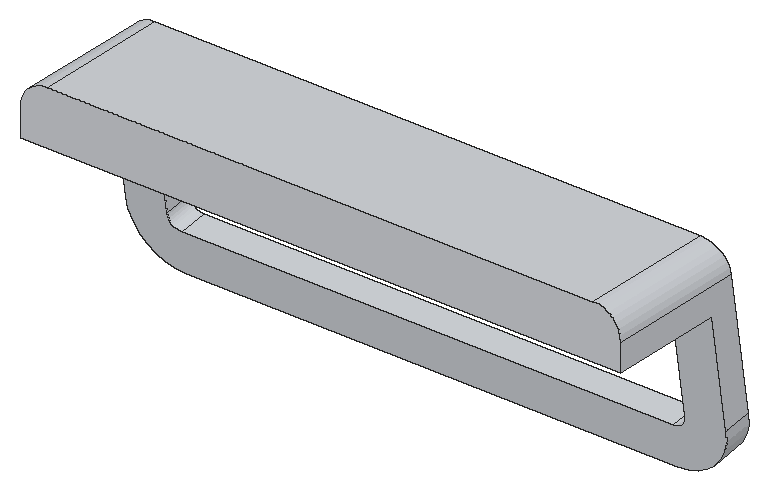
Revit family "LQ6205551_Toallero Liquid Mate Black", category Furniture, host Wall, Revit 2019
Family settings
  Host = Wall
  OmniClass Number = 23.31.25.25
  OmniClass Title = Towel Bars
  Always vertical = Yes
  Cut with Voids When Loaded = No
  Shared = No
  Room Calculation Point = No
Parameters (values of type "Type 1")
  Uso = "Residencial"  # constant formula
  URL = "https://corona.co/productos/accesorios/toallero-liquid/p/LQ6205551"
  Tecnologías = "DuraCrome"  # constant formula
  Resistencia = "Resistente a la corrosión\r\npelado y decoloración por agua\r\nResistencia al peso general hasta 9 kg\r\nResistencia al peso del toallero barra hasta 23 kg"  # constant formula
  Referencia = "LQ6040001"  # constant formula
  Profundidad = 61 mm  # constant formula
  Número de piezas = "6"  # constant formula
  Material = Corona_Mate_Black
  Manufacturer = "Corona"  # constant formula
  Línea = "Liquid"  # constant formula
  Garantía Acabados = "5 años en acabados"  # constant formula
  Garantía = "30 años en estructura"  # constant formula
  Fecha de creación = "9/10/2020"  # constant formula
  Description = "El Toallero Liquid, galardonado con el premio de diseño internacional Red Dot Design Award, es la mejor forma de modernizar tu baño y darle un toque único, mientras te proporciona seguridad y funcionalidad con una resistencia de hasta 9 kilos de carga. ¡Adquiérelo ahora!"  # constant formula
  Creado por = "IDD"  # constant formula
  Componentes = "Percha - Toallero - Jabonera - Barra - Cepillera - Portarrollo"  # constant formula
  Colección = "Liquid"  # constant formula
  Ancho = 420 mm  # constant formula
  Altura = 900 mm
  Alto = 79.9 mm  # constant formula
Reference planes
  plane 1 "Wall": y = 0
  plane 2 "Center (Left/Right)": x = 125
  plane 3 "Back": y = 75
  plane 4: z = 900
  plane 5: x = 335
  plane 6: x = -85
  plane 7: z = 939.95
  plane 8: z = 860.05
  plane 9: y = 136
Text (mm)
  text "Placement Side" at (-1848.837, 1116.779, 0), in view "Ref. Level"
  text "Placement side" at (0, 1409.804, 2854.306), in view "Left"
  text "Placement side" at (0, 499.811, 2980.732), in view "Right"
Dimensions and locks
  locked: plane 3 "Back" to host wall
  equal spacing: plane 8, plane 4, plane 7
  "Alto": plane 8 to plane 7
  equal spacing: plane 6, plane 2 "Center (Left/Right)", plane 5
  "Ancho": plane 6 to plane 5
  "Profundidad": plane 9 to host wall
  plane 4 to plane 8 = 39.95 mm
  "Altura": plane 4 to level
  aligned and locked: plane 1 "Wall" to host wall
  aligned and locked: nested 1 to plane 7
  aligned and locked: nested 3 to plane 7
  aligned and locked: nested 3 to plane 5
  aligned and locked: nested 4 to plane 9
  aligned and locked: nested 4 to plane 5
  aligned and locked: nested 2 to plane 7
  aligned and locked: nested 2 to plane 6
Nested families
  nested 1: "Lateral" at (125, 75, 860.15) x (0, -1, 0) z (1, 0, 0), type "Lateral"
  nested 2: "Toallero Argolla" at (135, 105, 860.15) x (-1, 0, 0) z (0, 0, 1), type "Toallero Argolla"
  nested 3: "Frontal" at (335, 0, 860.15) x (-1, 0, 0) z (0, -1, 0), type "Frontal"
  nested 4: "Planta" at (115, 75, 0), type "Planta"
Definition of nested family "Toallero Argolla"
  Parameters (values of type "Toallero Argolla")
    Profundidad = 61 mm
    Material = none
    Ancho = 220 mm
    Alto = 79.8 mm
  Reference planes
    plane 1 "Center (Front/Back)": y = 0
    plane 2: z = 0
    plane 3 "Center (Left/Right)": x = 0
    plane 4: x = 220
    plane 5: y = 30.5
    plane 6: y = -30.5
    plane 7: z = 79.8
    plane 8: x = 70.15
  Forms (mm)
    Extrusion 1, solid, material <- "Material", detail levels coarse
      sketch origin (0, 0, 0) x (1, 0, 0) y (0, 1, 0)
        loop
          line (0, 30.5) -> (0, -30.5) -> (220, -30.5) -> (220, 30.5) -> (0, 30.5)
      from -0.652 to 79.8
    Sweep 2, solid, material <- "Material", detail levels medium+fine
      path origin (250, -30.492, 4.34) x (0, 0.156397, 0.987694) y (-1, 0, 0)
        loop
          line (61.561, 250) -> (16.561, 250)
          arc (16.561, 250) -> (2.419, 244.142) -> (-3.439, 230) r 20
          line (-3.439, 230) -> (-3.439, 50)
          arc (-3.439, 50) -> (2.419, 35.858) -> (16.561, 30) r 20
          line (16.561, 30) -> (61.561, 30)
      profile origin (220, -24.383, 42.92) x (-1, 0, 0) y (0, -0.987694, 0.156397)
        loop
          line (15, 0) -> (0, 0) -> (0, -10.196) -> (15, -10.196) -> (15, 0)
    Extrusion 3, solid, material <- "Material", detail levels medium+fine
      sketch origin (0, 0, 0) x (1, 0, 0) y (0, 0, 1)
        loop
          arc (10, 79.8) -> (2.929, 76.871) -> (0, 69.8) r 10
          line (0, 69.8) -> (0, 59.8) -> (220, 59.8) -> (220, 69.8)
          arc (220, 69.8) -> (217.071, 76.871) -> (210, 79.8) r 10
          line (210, 79.8) -> (10, 79.8)
      from -30.5 to 30.5
    Extrusion 4, void
      sketch origin (0, 0, 0) x (0, 1, 0) y (0, 0, 1)
        loop
          line (-18.543, 79.8) -> (-30.5, 79.8) -> (-30.5, 59.8) -> (-21.71, 59.8) -> (-18.543, 79.8)
      from 0 to 250
  Cuts and joins
    Extrusion 4 cuts Sweep 2
    Extrusion 4 cuts Extrusion 3
    joined: Sweep 2, Extrusion 3
  Dimensions and locks
    equal spacing: plane 5, plane 1 "Center (Front/Back)", plane 6
    "Profundidad": plane 5 to plane 6
    "Ancho": plane 3 "Center (Left/Right)" to plane 4
    "Alto": plane 7 to level
    aligned and locked: level to plane 2
    aligned and locked: Extrusion 1 sketch curve to plane 5
    aligned and locked: plane 4 to Extrusion 1 sketch curve
    aligned and locked: plane 6 to Extrusion 1 sketch curve
    aligned and locked: plane 7 to Extrusion 1
  Automatic sketch dimensions
    Extrusion 1 sketch curve to plane 3 "Center (Left/Right)" = 0 mm
    profile plane to Sweep 2 sketch curve = 0 mm
    Sweep 2 sketch curve to profile plane = 15 mm
    Sweep 2 sketch curve to profile plane = 10.196 mm
    Sweep 2 sketch curve to profile plane = 0 mm
    Extrusion 3 sketch curve to plane 3 "Center (Left/Right)" = 0 mm
    Extrusion 3 sketch curve to plane 7 = 0 mm
    plane 4 to Extrusion 3 sketch curve = 0 mm
    plane 3 "Center (Left/Right)" to Extrusion 3 sketch curve = 10 mm
    plane 4 to Extrusion 3 sketch curve = 10 mm
    Extrusion 3 sketch curve to Extrusion 3 sketch curve = 10 mm
    Extrusion 4 sketch curve to plane 6 = 0 mm
    Extrusion 4 sketch curve to plane 7 = 0 mm
    plane 6 to Extrusion 4 sketch curve = 11.957 mm
    plane 6 to Extrusion 4 sketch curve = 8.79 mm
    level to Extrusion 4 sketch curve = 59.8 mm
    Sweep 2 sketch curve to plane 3 "Center (Left/Right)" = 0 mm
    Sweep 2 sketch curve to plane 4 = 0 mm
    plane 3 "Center (Left/Right)" to Sweep 2 sketch curve = 20 mm
    plane 4 to Sweep 2 sketch curve = 20 mm
    Sweep 2 sketch curve to Sweep 2 sketch curve = 45 mm  (x2)
Definition of nested family "Lateral"
  Reference planes
    plane 1 "Center (Front/Back)": y = 0
    plane 2: z = 0
    plane 3 "Center (Left/Right)": x = 0
    plane 4: y = 79.8
    plane 5: x = -61.3
  Lines and regions (mm)
    detail lines, in view "Ref. Level"
      curve 1: line (-61.239, 5.374, 0) -> (-49.573, 71.536, 0)
      curve 2: line (-39.725, 79.8, 0) -> (0, 79.8, 0)
      curve 3: line (0, 79.8, 0) -> (0, 59.8, 0)
      curve 4: line (0, 59.8, 0) -> (-40.601, 59.8, 0)
      curve 5: line (-40.601, 59.8, 0) -> (-50.531, 3.486, 0)
      curve 6: line (-55.165, 0.241, 0) -> (-57.995, 0.74, 0)
      curve 7: arc (-57.995, 0.74, 0) -> (-60.577, 2.385, 0) -> (-61.239, 5.374, 0) r 4
      curve 8: arc (-50.531, 3.486, 0) -> (-52.176, 0.904, 0) -> (-55.165, 0.241, 0) r 4
      curve 9: arc (-49.573, 71.536, 0) -> (-46.153, 77.46, 0) -> (-39.725, 79.8, 0) r 10
Definition of nested family "Frontal"
  Reference planes
    plane 1 "Center (Front/Back)": y = 0
    plane 2: z = 0
    plane 3 "Center (Left/Right)": x = 0
    plane 4: x = 220
    plane 5: y = 79.8
  Lines and regions (mm)
    detail lines, in view "Ref. Level"
      curve 1: line (20, 0, 0) -> (200, 0, 0)
      curve 2: line (0, 69.8, 0) -> (0, 20, 0)
      curve 3: line (210, 79.8, 0) -> (10, 79.8, 0)
      curve 4: arc (20, 0, 0) -> (5.858, 5.858, 0) -> (0, 20, 0) r 20
      curve 5: arc (0, 69.8, 0) -> (2.929, 76.871, 0) -> (10, 79.8, 0) r 10
      curve 6: line (198, 59.8, 0) -> (22, 59.8, 0)
      curve 7: line (22, 15, 0) -> (198, 15, 0)
      curve 8: arc (22, 15, 0) -> (17.05, 17.05, 0) -> (15, 22, 0) r 7
      curve 9: line (15, 52.8, 0) -> (15, 22, 0)
      curve 10: arc (15, 52.8, 0) -> (17.05, 57.75, 0) -> (22, 59.8, 0) r 7
      curve 11: line (220, 69.8, 0) -> (220, 20, 0)
      curve 12: arc (200, 0, 0) -> (214.142, 5.858, 0) -> (220, 20, 0) r 20
      curve 13: arc (220, 69.8, 0) -> (217.071, 76.871, 0) -> (210, 79.8, 0) r 10
      curve 14: arc (198, 15, 0) -> (202.95, 17.05, 0) -> (205, 22, 0) r 7
      curve 15: line (205, 52.8, 0) -> (205, 22, 0)
      curve 16: arc (205, 52.8, 0) -> (202.95, 57.75, 0) -> (198, 59.8, 0) r 7
  Dimensions and locks
    aligned and locked: plane 1 "Center (Front/Back)" to curve 1
    aligned and locked: curve 2 to plane 3 "Center (Left/Right)"
    aligned and locked: plane 5 to curve 3
Definition of nested family "Planta"
  Reference planes
    plane 1 "Center (Front/Back)": y = 0
    plane 2: z = 0
    plane 3 "Center (Left/Right)": x = 0
    plane 4: x = 220
    plane 5: y = 61
  Lines and regions (mm)
    detail lines, in view "Ref. Level"
      curve 1: line (220, 0, 0) -> (0, 0, 0)
      curve 2: line (220, 61, 0) -> (220, 0, 0)
      curve 3: line (0, 61, 0) -> (220, 61, 0)
      curve 4: line (0, 0, 0) -> (0, 61, 0)
      curve 5: line (0, 46, 0) -> (220, 46, 0)
